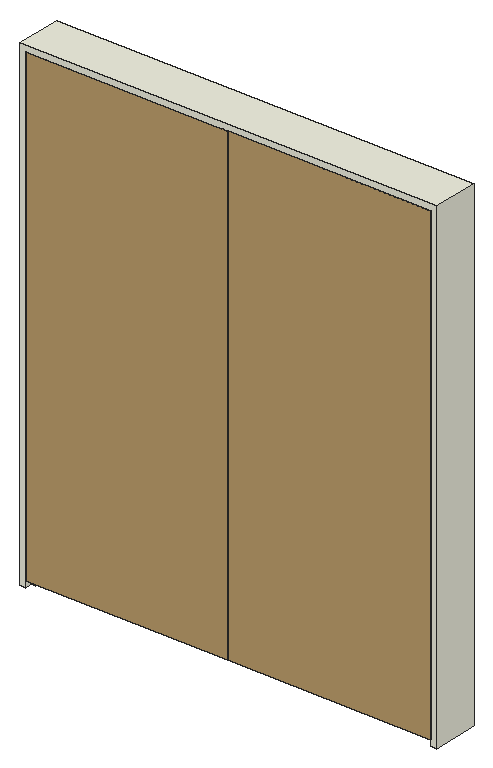
Revit family
Parameters (values of type "FSD02 1800*2100")
  중심에서 문거리 [instance] = 100 mm
  Assembly Code = ""
  재료 [instance] = 문
  외부마감두께 [instance] = 20 mm
  복합벽 구조두께 [instance] = 200 mm
  문폭 [instance] = 200 mm
  문크기 [instance] = 975 mm
  문두께 [instance] = 30 mm
  문각도 [instance] = 90.00°
  Model = "SD02"
  Thickness = 50 mm
  높이B [instance] = 20 mm
  높이A [instance] = 25 mm
  Height = 2100 mm
  Wall Closure = 4
  Width = 1800 mm
  내부마감두께 [instance] = 10 mm
  Function = (empty or 0)
Types (2): name
  FSD02 1800*2100
  SD02 1800*2100
Reference planes
  plane 1: y = 0
  plane 2 "중심(왼쪽/오른쪽)": x = 0
  plane 3 "왼쪽": x = -900
  plane 4 "오른쪽": x = 900
  plane 5: z = 2100
  plane 6 "외부": y = 150
  plane 7 "내부": y = -150
  plane 8: y = 100
  plane 9: y = -100
  plane 10: y = 100
  plane 11: y = -100
Forms (mm)
  Extrusion 1, void
    sketch origin (0, 0, 0) x (1, 0, 0) y (0, 1, 0)
      loop
        line (-900, 100) -> (-900, -100) -> (900, -100) -> (900, 100) -> (-900, 100)
    from 0 to 2100
  Extrusion 2, void
    sketch origin (0, 0, 0) x (1, 0, 0) y (0, 1, 0)
      loop
        line (-880, 600) -> (-880, 100) -> (880, 100) -> (880, 600) -> (-880, 600)
    from 0 to 2080
  Extrusion 3, void
    sketch origin (0, 0, 0) x (1, 0, 0) y (0, 1, 0)
      loop
        line (-890, -100) -> (-890, -600) -> (890, -600) -> (890, -100) -> (-890, -100)
    from 0 to 2090
  Sweep 4, solid, material "문프레임"
    path origin (-5000, 0, 0) x (-1, 0, 0) y (0, 0, 1)
      loop
        line (-5900, 0) -> (-5900, 2100) -> (-4100, 2100) -> (-4100, 0)
    profile origin (0, 0, 2100) x (0, 0, 1) y (0, 1, 0)
      loop
        line (0, -100) -> (0, 100) -> (-25, 100) -> (-25, 70) -> (-45, 70) -> (-45, -70) -> (-25, -70) -> (-25, -100) -> (0, -100)
  Extrusion 5, solid, material "문"
    sketch origin (0, 0, 0) x (1, 0, 0) y (0, 1, 0)
      loop
        line (-875, -70) -> (-875, -100) -> (0, -100) -> (0, -70) -> (-875, -70)
    from 25 to 2075
  Extrusion 6, solid, material "문"
    sketch origin (0, 0, 0) x (-1, 0, 0) y (0, -1, 0)
      loop
        line (0, 70) -> (0, 100) -> (-875, 100) -> (-875, 70) -> (0, 70)
    from 25 to 2075
Lines and regions (mm)
  reference lines
    curve 1: line (-890, 613.131, 0) -> (-890, -599.343, 0)
    curve 2: line (890, 613.131, 0) -> (890, -599.343, 0)
    curve 3: line (1150, 100, 0) -> (-235, 100, 0)
    curve 4: line (1150, -100, 0) -> (-1350, -100, 0)
    curve 5: line (-880, 613.131, 0) -> (-880, -599.343, 0)
    curve 6: line (880, 613.131, 0) -> (880, -599.343, 0)
    curve 7: line (1150, 600, 0) -> (-1150, 600, 0)
    curve 8: line (1150, -600, 0) -> (-1150, -600, 0)
    curve 9: line (-1077.216, -150, 2090) -> (1422.784, -150, 2090)
    curve 10: line (1150, 150, 2080) -> (-1150, 150, 2080)
    curve 19: line (-875, -100, 0) -> (-875, -1220, 0)
    curve 20: line (875, -100, 0) -> (875, -1220, 0)
  symbolic lines
    curve 11: line (-875, -100, 0) -> (-875, -1069.858, 0)
    curve 12: line (-845, -100, 0) -> (-875, -100, 0)
    curve 13: line (-845, -100, 0) -> (-845, -1066.294, 0)
    curve 14: line (875, -100, 0) -> (875, -1069.858, 0)
    curve 15: line (845, -100, 0) -> (875, -100, 0)
    curve 16: line (845, -100, 0) -> (845, -1066.294, 0)
    curve 17: arc (-875, -1069.858, 0) -> (-251.078, -753.118, 0) -> (0, -100, 0) r 975
    curve 18: arc (875, -1069.858, 0) -> (251.078, -753.118, 0) -> (0, -100, 0) r 975
    curve 21: circle (100, 150, 945) r 30 normal (0, -1, 0)
    curve 22: circle (-100, 150, 945) r 30 normal (0, 1, 0)
    curve 23: line (150, 150, 945) -> (50, 150, 945)
    curve 24: line (100, 150, 895) -> (100, 150, 995)
    curve 25: line (-150, 150, 945) -> (-50, 150, 945)
    curve 26: line (-100, 150, 895) -> (-100, 150, 995)
Text (mm)
  text "외부" at (-2295.016, 1099.543, 0), in view "참조 레벨"
  text "외부" at (0, 1615.38, 3698.081), in view "왼쪽"
  text "외부" at (0, 1036.032, 3874.932), in view "오른쪽"
Dimensions and locks
  equal spacing: plane 3 "왼쪽", plane 2 "중심(왼쪽/오른쪽)", plane 4 "오른쪽"
  "Width": plane 3 "왼쪽" to plane 4 "오른쪽"
  "Height": plane 5 to host wall
  host wall to plane 5 = 2100 mm  (x2)
  locked: plane 6 "외부" to host wall at 0
  locked: plane 7 "내부" to host wall
  "내부마감두께": plane 5 to curve 9
  "외부마감두께": curve 10 to plane 5
  "문두께": Sweep 4 sketch curve to Sweep 4 sketch curve  (x2)
  "높이A": Sweep 4 sketch curve to Sweep 4 sketch curve
  "문두께": Extrusion 5 sketch curve to Extrusion 5 sketch curve
  "문폭": Sweep 4 sketch curve to Sweep 4 sketch curve
  "중심에서 문거리": profile plane to plane 10
  "내부마감두께": plane 3 "왼쪽" to curve 1
  "내부마감두께": curve 2 to plane 4 "오른쪽"
  "외부마감두께": curve 6 to plane 4 "오른쪽"
  "외부마감두께": plane 3 "왼쪽" to curve 5
  "문두께": Extrusion 6 sketch curve to Extrusion 6 sketch curve
  "문두께": curve 16 to curve 14
  "문두께": curve 11 to curve 13
  equal spacing: curve 11, plane 2 "중심(왼쪽/오른쪽)", curve 14
  curve 15 to curve 4 = 0 mm
  "복합벽 구조두께": plane 10 to plane 11
  "중심에서 문거리": plane 1 to plane 10
  "복합벽 구조두께": curve 3 to curve 4
  "중심에서 문거리": plane 1 to curve 3
  "높이B": Sweep 4 sketch curve to Sweep 4 sketch curve
  curve 24 to Extrusion 6 to curve 26 = 100 mm locked, 100 mm locked
  "문크기": radius of curve 17
  "문크기": radius of curve 18
  "문각도": angle curve 19 to curve 4
  "문각도": angle curve 4 to curve 20
  aligned and locked: plane 1 to host wall
  aligned and locked: plane 3 "왼쪽" to Extrusion 1 sketch curve
  aligned and locked: Extrusion 1 sketch curve to curve 3
  aligned and locked: curve 4 to Extrusion 1 sketch curve
  aligned and locked: plane 4 "오른쪽" to Extrusion 1 sketch curve
  aligned and locked: curve 5 to Extrusion 2 sketch curve
  aligned and locked: Extrusion 2 sketch curve to curve 7
  aligned and locked: curve 3 to Extrusion 2 sketch curve
  aligned and locked: curve 6 to Extrusion 2 sketch curve
  aligned and locked: curve 1 to Extrusion 3 sketch curve
  aligned and locked: Extrusion 3 sketch curve to curve 4
  aligned and locked: curve 8 to Extrusion 3 sketch curve
  aligned and locked: curve 2 to Extrusion 3 sketch curve
  aligned and locked: Extrusion 3 to curve 9
  aligned and locked: Extrusion 1 to plane 5
  aligned and locked: Extrusion 2 to curve 10
  aligned and locked: plane 10 to plane 8
  aligned and locked: plane 11 to plane 9
  aligned and locked: Sweep 4 sketch curve to plane 10
  aligned and locked: Extrusion 5 sketch curve to Sweep 4  (x2)
  aligned and locked: Sweep 4 to Extrusion 5
  aligned and locked: Sweep 4 sketch curve to plane 5
  aligned and locked: plane 3 "왼쪽" to Sweep 4 sketch curve
  aligned and locked: Extrusion 5 sketch curve to plane 2 "중심(왼쪽/오른쪽)"
  aligned and locked: Extrusion 5 to Extrusion 6 sketch curve
  aligned and locked: Extrusion 6 sketch curve to Extrusion 5
  aligned and locked: curve 19 to curve 11
  aligned and locked: curve 14 to curve 20
  aligned: Extrusion 5 to Sweep 4
  aligned: Extrusion 6 to Sweep 4
  aligned and locked: Extrusion 6 to Sweep 4
Automatic sketch dimensions
  plane 3 "왼쪽" to curve 9 = 177.216 mm
  curve 9 to plane 4 "오른쪽" = 522.784 mm
  plane 3 "왼쪽" to curve 10 = 250 mm
  curve 10 to plane 4 "오른쪽" = 250 mm
  curve 17 to plane 2 "중심(왼쪽/오른쪽)" = 0 mm
  curve 18 to plane 2 "중심(왼쪽/오른쪽)" = 0 mm
  curve 12 to plane 9 = 0 mm
  plane 3 "왼쪽" to curve 8 = 250 mm
  plane 3 "왼쪽" to curve 7 = 250 mm
  curve 19 to plane 3 "왼쪽" = 25 mm
  curve 3 to plane 2 "중심(왼쪽/오른쪽)" = 235 mm
  plane 4 "오른쪽" to curve 20 = 25 mm
  curve 4 to plane 4 "오른쪽" = 250 mm
  curve 7 to plane 4 "오른쪽" = 250 mm
  curve 3 to curve 4 = 0 mm
  curve 8 to plane 4 "오른쪽" = 250 mm
  host wall to curve 5 = 449.343 mm
  host wall to curve 6 = 449.343 mm
  curve 1 to curve 5 = 0 mm  (x2)
  curve 2 to curve 6 = 0 mm
  curve 8 to curve 2 = 0.657 mm
  host wall to curve 7 = 450 mm
  curve 7 to curve 2 = 13.131 mm
  curve 7 to curve 5 = 13.131 mm
  curve 6 to curve 2 = 0 mm
  curve 17 to plane 9 = 0 mm
  curve 18 to plane 9 = 0 mm
  Sweep 4 sketch curve to profile plane = 0 mm
  profile plane to Sweep 4 sketch curve = 25 mm
  Extrusion 6 sketch curve to plane 4 "오른쪽" = 25 mm
  curve 26 to curve 25 = 50 mm  (x2)
  curve 22 to curve 26 = 0 mm
  curve 25 to curve 22 = 50 mm
  curve 23 to curve 24 = 50 mm
  curve 21 to curve 24 = 0 mm
  curve 21 to curve 23 = 50 mm
  curve 24 to curve 26 = 0 mm
  curve 24 to curve 21 = 50 mm
  curve 23 to curve 21 = 0 mm
  curve 26 to curve 22 = 50 mm
  curve 21 to curve 24 = 50 mm
  curve 22 to curve 26 = 50 mm
  plane 4 "오른쪽" to Sweep 4 sketch curve = 0 mm
  Sweep 4 sketch curve to level = 0 mm  (x2)
  level to curve 24 = 895 mm
  radius of curve 21 = 30 mm
  radius of curve 22 = 30 mm
